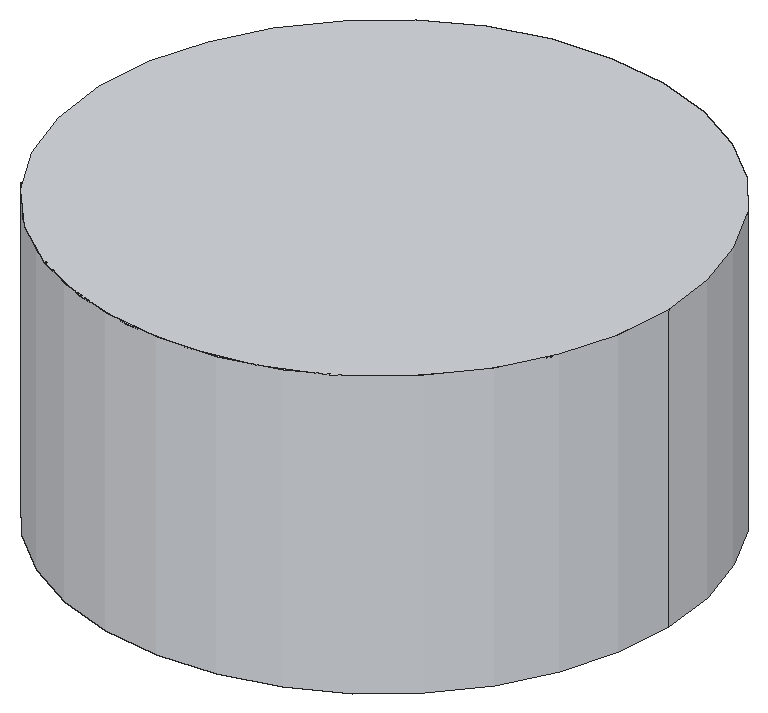
Revit family "08251000", category Specialty Equipment, Revit 2023
Family settings
  Round Connector Dimension = Use Diameter
  Part Type = Normal
  OmniClass Number = 23.40.40.00
  OmniClass Title = Food Service Equipment and Furnishings
  Work Plane-Based = No
  Enable Cutting in Views = Yes
  Always vertical = Yes
  Cut with Voids When Loaded = No
  Maintain Annotation Orientation = No
  Shared = No
  Room Calculation Point = No
Parameters (values of type "Standard")
  URL = "https://www.rustfriebergh.no/produkter/kj%C3%B8lte-br%C3%B8nner/kj%C3%B8lt-br%C3%B8nn-kbkn/kj-lt-br-nn-kbkn-160-drop-in"
  Model = "08251000"
  Manufacturer = "Rustfriebergh AS"
  Description = "Kjølt brønn KBKN-160-1GN"
  Default Elevation = 0 mm
Reference planes
  plane 1 "Center (Front/Back)": y = 0
  plane 2: z = 0
  plane 3 "Center (Left/Right)": x = 0
Forms (mm)
  Extrusion 1, solid
    sketch origin (0.25, -210.25, -357.25) x (1, 0, 0) y (0, 1, 0)
      loop
        circle (0, 0) r 3.048
    from 0 to -3.048
Dimensions and locks
  aligned and locked: level to plane 2
Connectors
  electrical at (0.25, -210.25, -357.25)
    settings: on Extrusion 1, index 1, voltage 230 V, apparent load 145 VA, apparent load phase1 0 VA, apparent load phase2 0 VA, apparent load phase3 0 VA, power factor 0, load classification "Other", number of poles 1, system type 30, power factor state 1, is connector primary yes, connector utility no, sub classification motor no, connector description "Strømart"
